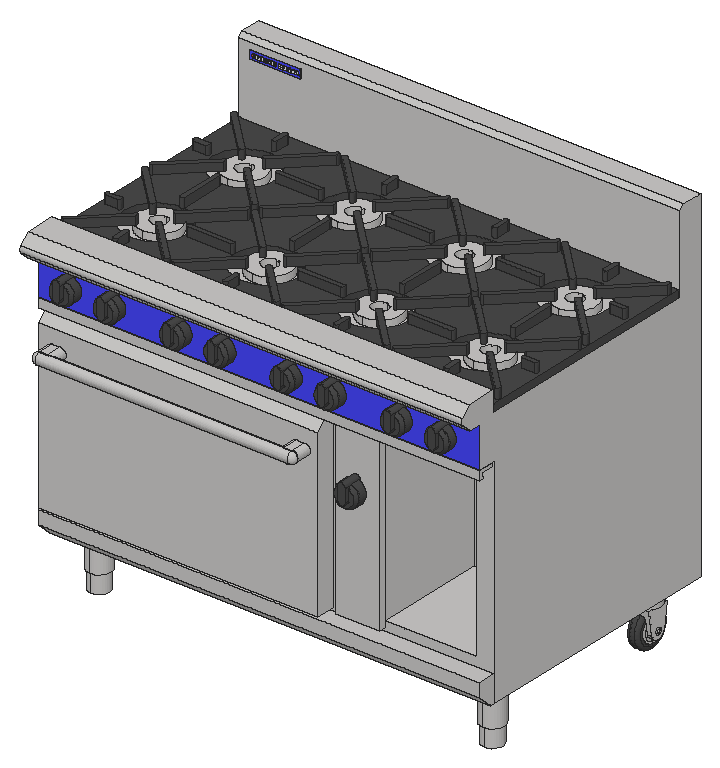
Revit family "QF_MOFFAT_BLUESEAL_CE_G508D", category Specialty Equipment, Revit 2012
Parameters
  Width = 1200 mm
  Weight in Pounds = 568
  URL Cutsheet = "www.moffat.com"
  URL = "www.moffat.com"
  Type Mark [instance] = ""
  Status [instance] = ""
  Specification by User [instance] = ""
  Specification by Manufacturer = ""
  Show Logo [instance] = yes
  Show Clearance [instance] = yes
  Show Casters [instance] = yes
  Serial Number = ""
  Seismic Rating = ""
  SMACNA No = ""
  Revision Code [instance] = ""
  Omniclass Number and Title = ""
  NAFEM Spec ID Number = ""
  Model = "G508D"
  Mechanical Remarks = ""
  Mechanical Connection Type [instance] = ""
  Masterspec = ""
  Manufacturer = "MOFFAT BLUESEAL"
  Legs [instance] = not(Show Casters)  # no
  Item Number [instance] = ""
  Installed By [instance] = ""
  Identify Quantity as Lot [instance] = yes
  Height = 970 mm
  Gas Size = 3/4"
  Gas RI Height [instance] = 0 mm
  Gas KW [instance] = 70.5
  Gas Input [instance] = 240745.0 Btu/h
  Gas Connection Height = 0 mm
  Furnished By [instance] = ""
  Foodservice Equipment Identifier [instance] = yes
  Description = "1200MM GAS RANGE WITH STATIC OVEN"
  Depth = 812 mm
  CSI MasterFormat = ""
  CSI Master Format = ""
  Body Finish = QF_Finishes_Stainless Steel
Reference planes
  plane 1 "BACK": y = 0
  plane 2: z = 0
  plane 3 "LEFT": x = 0
  plane 4 "RIGHT": x = 1200
  plane 5 "FRONT": y = -812
  plane 6 "TOP": z = 970
  plane 7 "Center Y": x = 600
  plane 8 "Center X": y = -406
  plane 9: x = 280
  plane 10: y = -574.272
  plane 11: x = 60
  plane 12: y = -304.972
  plane 13: y = -364.972
  plane 14: x = 74
  plane 15: y = -812
  plane 16: x = 1134.5
  plane 17: y = -32
  plane 18: z = 655
  plane 19: x = 65.5
  plane 20: x = 65.8
  plane 21: z = 1085
  plane 22: y = -705
  plane 23: y = -100
Forms (mm)
  Extrusion 1, solid, material "QF_Finishes_Stainless Steel" <- "Body Finish"
    sketch origin (0, 0, 0) x (0, 1, 0) y (0, 0, 1)
      loop
        line (0, 150) -> (0, 1085) -> (-57.5, 1085) -> (-70, 1072.5) -> (-70, 861.8) -> (-705, 861.8) -> (-705, 915) -> (-783.97, 915) -> (-808.49, 890.48)
        arc (-808.49, 890.48) -> (-812.002, 882) -> (-808.49, 873.52) r 11.993
        line (-808.49, 873.52) -> (-784.97, 850) -> (-749, 850) -> (-749, 740) -> (-699, 740) -> (-699, 150) -> (0, 150)
      loop
        line (-749, 222.5) -> (-749, 186) -> (-713, 150) -> (-703.2, 150) -> (-703.2, 222.5) -> (-749, 222.5)
      loop
        line (-749, 713.781) -> (-740.224, 713.781) -> (-742.613, 730.781) -> (-707.93, 730.781) -> (-707.93, 737.784) -> (-749, 737.784) -> (-749, 713.781)
    from 0 to 1200
  Extrusion 2, solid, material "QF_Finishes_Stainless Steel"
    sketch origin (0, 7, 0) x (0, 1, 0) y (0, 0, 1)
      loop
        line (-706, 700) -> (-732, 700) -> (-756, 676) -> (-756, 227.5) -> (-706, 227.5) -> (-706, 700)
    from 0 to 760
  Extrusion 3, solid, material "QF_Finishes_Stainless Steel"
    sketch origin (723.5, 7, 0) x (0, 1, 0) y (0, 0, 1)
      loop
        line (-706, 700) -> (-721, 700) -> (-721, 227.5) -> (-706, 227.5) -> (-706, 700)
    from 56.898 to 176.5
  Revolve 4, solid, material "QF_Finishes_Stainless Steel" <- "Body Finish"
    sketch origin (1134.5, -696.126, 0) x (0, 1, 0) y (0, 0, -1)
      loop
        line (39.376, -150) -> (71.126, -150) -> (71.126, 0) -> (43.626, 0) -> (43.626, -50) -> (39.376, -50) -> (39.376, -150)
      axis (71.126, -150) -> (71.126, 0)
    angle from 0 to 360
  Revolve 5, solid, material "QF_Finishes_Stainless Steel" <- "Body Finish"
    sketch origin (65.5, -696.126, 0) x (0, 1, 0) y (0, 0, 1)
      loop
        line (39.376, 150) -> (39.376, 50) -> (43.626, 50) -> (43.626, 0) -> (71.126, 0) -> (71.126, 150) -> (39.376, 150)
      axis (71.126, 150) -> (71.126, 0)
    angle from 0 to 360
  Extrusion 6, solid, material "QF_Finishes_Stainless Steel"
    sketch origin (-64.5, 0, 325) x (1, 0, 0) y (0, 1, 0)
      loop
        circle (1134.5, -32) r 10
    from 330 to 374.856
  Extrusion 7, void
    sketch origin (0, -699, 150) x (0, 0, -1) y (-1, 0, 0)
      loop
        line (-529.781, -900) -> (-529.781, -1150) -> (-96, -1150) -> (-96, -900) -> (-529.781, -900)
    from 0 to 304.8
  Extrusion 8, solid, material "QF_Finishes_Black"
    sketch origin (0, -70, 861.8) x (0, -1, 0) y (1, 0, 0)
      loop
        arc (1, 4) -> (1.879, 1.879) -> (4, 1) r 3
        line (4, 1) -> (632, 1)
        arc (632, 1) -> (634.121, 1.879) -> (635, 4) r 3
        line (635, 4) -> (635, 1197)
        arc (635, 1197) -> (634.121, 1199.121) -> (632, 1200) r 3
        line (632, 1200) -> (4, 1200)
        arc (4, 1200) -> (1.879, 1199.121) -> (1, 1197) r 3
        line (1, 1197) -> (1, 4)
      loop
        circle (167.5, 150) r 85
      loop
        circle (167.5, 450) r 85
      loop
        circle (467.768, 150) r 85
      loop
        circle (467.768, 450) r 85
      loop
        circle (167.5, 750) r 85
      loop
        circle (467.768, 750) r 85
      loop
        circle (167.5, 1050) r 85
      loop
        circle (467.768, 1050) r 85
    from 0 to 19.5
  Extrusion 9, solid, material "QF_Finishes_Black"
    sketch origin (0, -70, 881.3) x (0, -1, 0) y (1, 0, 0)
      loop
        spline (327.102, 15.153) -> (326.181, 13.924) -> (325.631, 12.47) -> (325.49, 10.89) -> (325.767, 9.292) -> (326.443, 7.786) -> (327.473, 6.473) -> (328.786, 5.443) -> (330.292, 4.767) -> (331.89, 4.49) -> (333.47, 4.631) -> (334.924, 5.181) -> (336.153, 6.102)
        line (336.153, 6.102) -> (444.076, 114.025)
        spline (444.076, 114.025) -> (444.837, 115.095) -> (445.238, 116.399) -> (445.251, 117.851) -> (444.875, 119.35) -> (444.137, 120.795) -> (443.086, 122.086) -> (441.795, 123.137) -> (440.35, 123.875) -> (438.851, 124.251) -> (437.399, 124.238) -> (436.095, 123.837) -> (435.025, 123.076)
        line (435.025, 123.076) -> (327.102, 15.153)
      loop
        line (611.398, 15.153) -> (503.475, 123.076)
        spline (503.475, 123.076) -> (502.405, 123.837) -> (501.101, 124.238) -> (499.649, 124.251) -> (498.15, 123.875) -> (496.705, 123.137) -> (495.414, 122.086) -> (494.363, 120.795) -> (493.625, 119.35) -> (493.249, 117.851) -> (493.262, 116.399) -> (493.663, 115.095) -> (494.424, 114.025)
        line (494.424, 114.025) -> (602.347, 6.102)
        spline (602.347, 6.102) -> (603.416, 5.341) -> (604.721, 4.941) -> (606.172, 4.928) -> (607.671, 5.303) -> (609.116, 6.041) -> (610.408, 7.092) -> (611.459, 8.384) -> (612.197, 9.829) -> (612.572, 11.328) -> (612.559, 12.779) -> (612.159, 14.084) -> (611.398, 15.153)
      loop
        spline (379.102, 143.6) -> (380.396, 143.818) -> (381.602, 144.457) -> (382.638, 145.475) -> (383.432, 146.8) -> (383.932, 148.344) -> (384.102, 150) -> (383.932, 151.656) -> (383.432, 153.2) -> (382.638, 154.525) -> (381.602, 155.543) -> (380.396, 156.182) -> (379.102, 156.4)
        line (379.102, 156.4) -> (259.398, 156.4)
        spline (259.398, 156.4) -> (258.104, 156.182) -> (256.898, 155.543) -> (255.862, 154.525) -> (255.068, 153.2) -> (254.568, 151.656) -> (254.398, 150) -> (254.568, 148.344) -> (255.068, 146.8) -> (255.862, 145.475) -> (256.898, 144.457) -> (258.104, 143.818) -> (259.398, 143.6)
        line (259.398, 143.6) -> (379.102, 143.6)
      loop
        spline (23.602, 15.153) -> (22.681, 13.924) -> (22.131, 12.47) -> (21.99, 10.89) -> (22.267, 9.292) -> (22.943, 7.786) -> (23.973, 6.473) -> (25.286, 5.443) -> (26.792, 4.767) -> (28.39, 4.49) -> (29.97, 4.631) -> (31.424, 5.181) -> (32.653, 6.102)
        line (32.653, 6.102) -> (140.576, 114.025)
        spline (140.576, 114.025) -> (141.337, 115.095) -> (141.738, 116.399) -> (141.751, 117.851) -> (141.375, 119.35) -> (140.637, 120.795) -> (139.586, 122.086) -> (138.295, 123.137) -> (136.85, 123.875) -> (135.351, 124.251) -> (133.899, 124.238) -> (132.595, 123.837) -> (131.525, 123.076)
        line (131.525, 123.076) -> (23.602, 15.153)
      loop
        line (311.398, 15.153) -> (203.475, 123.076)
        spline (203.475, 123.076) -> (202.405, 123.837) -> (201.101, 124.238) -> (199.649, 124.251) -> (198.15, 123.875) -> (196.705, 123.137) -> (195.414, 122.086) -> (194.363, 120.795) -> (193.625, 119.35) -> (193.249, 117.851) -> (193.262, 116.399) -> (193.663, 115.095) -> (194.424, 114.025)
        line (194.424, 114.025) -> (302.347, 6.102)
        spline (302.347, 6.102) -> (303.416, 5.341) -> (304.721, 4.941) -> (306.172, 4.928) -> (307.671, 5.303) -> (309.116, 6.041) -> (310.408, 7.092) -> (311.459, 8.384) -> (312.197, 9.829) -> (312.572, 11.328) -> (312.559, 12.779) -> (312.159, 14.084) -> (311.398, 15.153)
      loop
        line (327.102, 284.847) -> (435.025, 176.924)
        spline (435.025, 176.924) -> (436.095, 176.163) -> (437.399, 175.762) -> (438.851, 175.749) -> (440.35, 176.125) -> (441.795, 176.863) -> (443.086, 177.914) -> (444.137, 179.205) -> (444.875, 180.65) -> (445.251, 182.149) -> (445.238, 183.601) -> (444.837, 184.905) -> (444.076, 185.975)
        line (444.076, 185.975) -> (336.153, 293.898)
        spline (336.153, 293.898) -> (334.924, 294.819) -> (333.47, 295.369) -> (331.89, 295.51) -> (330.292, 295.233) -> (328.786, 294.557) -> (327.473, 293.527) -> (326.443, 292.214) -> (325.767, 290.708) -> (325.49, 289.11) -> (325.631, 287.53) -> (326.181, 286.076) -> (327.102, 284.847)
      loop
        spline (611.398, 284.847) -> (612.159, 285.916) -> (612.559, 287.221) -> (612.572, 288.672) -> (612.197, 290.171) -> (611.459, 291.616) -> (610.408, 292.908) -> (609.116, 293.959) -> (607.671, 294.697) -> (606.172, 295.072) -> (604.721, 295.059) -> (603.416, 294.659) -> (602.347, 293.898)
        line (602.347, 293.898) -> (494.424, 185.975)
        spline (494.424, 185.975) -> (493.663, 184.905) -> (493.262, 183.601) -> (493.249, 182.149) -> (493.625, 180.65) -> (494.363, 179.205) -> (495.414, 177.914) -> (496.705, 176.863) -> (498.15, 176.125) -> (499.649, 175.749) -> (501.101, 175.762) -> (502.405, 176.163) -> (503.475, 176.924)
        line (503.475, 176.924) -> (611.398, 284.847)
      loop
        spline (461.1, 241.898) -> (461.318, 240.604) -> (461.957, 239.398) -> (462.975, 238.362) -> (464.3, 237.568) -> (465.844, 237.068) -> (467.5, 236.898) -> (469.156, 237.068) -> (470.7, 237.568) -> (472.025, 238.362) -> (473.043, 239.398) -> (473.682, 240.604) -> (473.9, 241.898)
        line (473.9, 241.898) -> (473.9, 358.102)
        spline (473.9, 358.102) -> (473.682, 359.396) -> (473.043, 360.602) -> (472.025, 361.638) -> (470.7, 362.432) -> (469.156, 362.932) -> (467.5, 363.102) -> (465.844, 362.932) -> (464.3, 362.432) -> (462.975, 361.638) -> (461.957, 360.602) -> (461.318, 359.396) -> (461.1, 358.102)
        line (461.1, 358.102) -> (461.1, 241.898)
      loop
        line (23.602, 284.847) -> (131.525, 176.924)
        spline (131.525, 176.924) -> (132.595, 176.163) -> (133.899, 175.762) -> (135.351, 175.749) -> (136.85, 176.125) -> (138.295, 176.863) -> (139.586, 177.914) -> (140.637, 179.205) -> (141.375, 180.65) -> (141.751, 182.149) -> (141.738, 183.601) -> (141.337, 184.905) -> (140.576, 185.975)
        line (140.576, 185.975) -> (32.653, 293.898)
        spline (32.653, 293.898) -> (31.424, 294.819) -> (29.97, 295.369) -> (28.39, 295.51) -> (26.792, 295.233) -> (25.286, 294.557) -> (23.973, 293.527) -> (22.943, 292.214) -> (22.267, 290.708) -> (21.99, 289.11) -> (22.131, 287.53) -> (22.681, 286.076) -> (23.602, 284.847)
      loop
        spline (311.398, 284.847) -> (312.159, 285.916) -> (312.559, 287.221) -> (312.572, 288.672) -> (312.197, 290.171) -> (311.459, 291.616) -> (310.408, 292.908) -> (309.116, 293.959) -> (307.671, 294.697) -> (306.172, 295.072) -> (304.721, 295.059) -> (303.416, 294.659) -> (302.347, 293.898)
        line (302.347, 293.898) -> (194.424, 185.975)
        spline (194.424, 185.975) -> (193.663, 184.905) -> (193.262, 183.601) -> (193.249, 182.149) -> (193.625, 180.65) -> (194.363, 179.205) -> (195.414, 177.914) -> (196.705, 176.863) -> (198.15, 176.125) -> (199.649, 175.749) -> (201.101, 175.762) -> (202.405, 176.163) -> (203.475, 176.924)
        line (203.475, 176.924) -> (311.398, 284.847)
      loop
        spline (161.1, 241.898) -> (161.318, 240.604) -> (161.957, 239.398) -> (162.975, 238.362) -> (164.3, 237.568) -> (165.844, 237.068) -> (167.5, 236.898) -> (169.156, 237.068) -> (170.7, 237.568) -> (172.025, 238.362) -> (173.043, 239.398) -> (173.682, 240.604) -> (173.9, 241.898)
        line (173.9, 241.898) -> (173.9, 358.102)
        spline (173.9, 358.102) -> (173.682, 359.396) -> (173.043, 360.602) -> (172.025, 361.638) -> (170.7, 362.432) -> (169.156, 362.932) -> (167.5, 363.102) -> (165.844, 362.932) -> (164.3, 362.432) -> (162.975, 361.638) -> (161.957, 360.602) -> (161.318, 359.396) -> (161.1, 358.102)
        line (161.1, 358.102) -> (161.1, 241.898)
      loop
        line (379.102, 456.4) -> (259.398, 456.4)
        spline (259.398, 456.4) -> (258.104, 456.182) -> (256.898, 455.543) -> (255.862, 454.525) -> (255.068, 453.2) -> (254.568, 451.656) -> (254.398, 450) -> (254.568, 448.344) -> (255.068, 446.8) -> (255.862, 445.475) -> (256.898, 444.457) -> (258.104, 443.818) -> (259.398, 443.6)
        line (259.398, 443.6) -> (379.102, 443.6)
        spline (379.102, 443.6) -> (380.396, 443.818) -> (381.602, 444.457) -> (382.638, 445.475) -> (383.432, 446.8) -> (383.932, 448.344) -> (384.102, 450) -> (383.932, 451.656) -> (383.432, 453.2) -> (382.638, 454.525) -> (381.602, 455.543) -> (380.396, 456.182) -> (379.102, 456.4)
      loop
        spline (327.102, 315.153) -> (326.181, 313.924) -> (325.631, 312.47) -> (325.49, 310.89) -> (325.767, 309.292) -> (326.443, 307.786) -> (327.473, 306.473) -> (328.786, 305.443) -> (330.292, 304.767) -> (331.89, 304.49) -> (333.47, 304.631) -> (334.924, 305.181) -> (336.153, 306.102)
        line (336.153, 306.102) -> (444.076, 414.025)
        spline (444.076, 414.025) -> (444.837, 415.095) -> (445.238, 416.399) -> (445.251, 417.851) -> (444.875, 419.35) -> (444.137, 420.795) -> (443.086, 422.086) -> (441.795, 423.137) -> (440.35, 423.875) -> (438.851, 424.251) -> (437.399, 424.238) -> (436.095, 423.837) -> (435.025, 423.076)
        line (435.025, 423.076) -> (327.102, 315.153)
      loop
        line (611.398, 315.153) -> (503.475, 423.076)
        spline (503.475, 423.076) -> (502.405, 423.837) -> (501.101, 424.238) -> (499.649, 424.251) -> (498.15, 423.875) -> (496.705, 423.137) -> (495.414, 422.086) -> (494.363, 420.795) -> (493.625, 419.35) -> (493.249, 417.851) -> (493.262, 416.399) -> (493.663, 415.095) -> (494.424, 414.025)
        line (494.424, 414.025) -> (602.347, 306.102)
        spline (602.347, 306.102) -> (603.416, 305.341) -> (604.721, 304.941) -> (606.172, 304.928) -> (607.671, 305.303) -> (609.116, 306.041) -> (610.408, 307.092) -> (611.459, 308.384) -> (612.197, 309.829) -> (612.572, 311.328) -> (612.559, 312.779) -> (612.159, 314.084) -> (611.398, 315.153)
      loop
        spline (23.602, 315.153) -> (22.681, 313.924) -> (22.131, 312.47) -> (21.99, 310.89) -> (22.267, 309.292) -> (22.943, 307.786) -> (23.973, 306.473) -> (25.286, 305.443) -> (26.792, 304.767) -> (28.39, 304.49) -> (29.97, 304.631) -> (31.424, 305.181) -> (32.653, 306.102)
        line (32.653, 306.102) -> (140.576, 414.025)
        spline (140.576, 414.025) -> (141.337, 415.095) -> (141.738, 416.399) -> (141.751, 417.851) -> (141.375, 419.35) -> (140.637, 420.795) -> (139.586, 422.086) -> (138.295, 423.137) -> (136.85, 423.875) -> (135.351, 424.251) -> (133.899, 424.238) -> (132.595, 423.837) -> (131.525, 423.076)
        line (131.525, 423.076) -> (23.602, 315.153)
      loop
        line (311.398, 315.153) -> (203.475, 423.076)
        spline (203.475, 423.076) -> (202.405, 423.837) -> (201.101, 424.238) -> (199.649, 424.251) -> (198.15, 423.875) -> (196.705, 423.137) -> (195.414, 422.086) -> (194.363, 420.795) -> (193.625, 419.35) -> (193.249, 417.851) -> (193.262, 416.399) -> (193.663, 415.095) -> (194.424, 414.025)
        line (194.424, 414.025) -> (302.347, 306.102)
        spline (302.347, 306.102) -> (303.416, 305.341) -> (304.721, 304.941) -> (306.172, 304.928) -> (307.671, 305.303) -> (309.116, 306.041) -> (310.408, 307.092) -> (311.459, 308.384) -> (312.197, 309.829) -> (312.572, 311.328) -> (312.559, 312.779) -> (312.159, 314.084) -> (311.398, 315.153)
      loop
        line (327.102, 584.847) -> (435.025, 476.924)
        spline (435.025, 476.924) -> (436.095, 476.163) -> (437.399, 475.762) -> (438.851, 475.749) -> (440.35, 476.125) -> (441.795, 476.863) -> (443.086, 477.914) -> (444.137, 479.205) -> (444.875, 480.65) -> (445.251, 482.149) -> (445.238, 483.601) -> (444.837, 484.905) -> (444.076, 485.975)
        line (444.076, 485.975) -> (336.153, 593.898)
        spline (336.153, 593.898) -> (334.924, 594.819) -> (333.47, 595.369) -> (331.89, 595.51) -> (330.292, 595.233) -> (328.786, 594.557) -> (327.473, 593.527) -> (326.443, 592.214) -> (325.767, 590.708) -> (325.49, 589.11) -> (325.631, 587.53) -> (326.181, 586.076) -> (327.102, 584.847)
      loop
        spline (611.398, 584.847) -> (612.159, 585.916) -> (612.559, 587.221) -> (612.572, 588.672) -> (612.197, 590.171) -> (611.459, 591.616) -> (610.408, 592.908) -> (609.116, 593.959) -> (607.671, 594.697) -> (606.172, 595.072) -> (604.721, 595.059) -> (603.416, 594.659) -> (602.347, 593.898)
        line (602.347, 593.898) -> (494.424, 485.975)
        spline (494.424, 485.975) -> (493.663, 484.905) -> (493.262, 483.601) -> (493.249, 482.149) -> (493.625, 480.65) -> (494.363, 479.205) -> (495.414, 477.914) -> (496.705, 476.863) -> (498.15, 476.125) -> (499.649, 475.749) -> (501.101, 475.762) -> (502.405, 476.163) -> (503.475, 476.924)
        line (503.475, 476.924) -> (611.398, 584.847)
      loop
        line (23.602, 584.847) -> (131.525, 476.924)
        spline (131.525, 476.924) -> (132.595, 476.163) -> (133.899, 475.762) -> (135.351, 475.749) -> (136.85, 476.125) -> (138.295, 476.863) -> (139.586, 477.914) -> (140.637, 479.205) -> (141.375, 480.65) -> (141.751, 482.149) -> (141.738, 483.601) -> (141.337, 484.905) -> (140.576, 485.975)
        line (140.576, 485.975) -> (32.653, 593.898)
        spline (32.653, 593.898) -> (31.424, 594.819) -> (29.97, 595.369) -> (28.39, 595.51) -> (26.792, 595.233) -> (25.286, 594.557) -> (23.973, 593.527) -> (22.943, 592.214) -> (22.267, 590.708) -> (21.99, 589.11) -> (22.131, 587.53) -> (22.681, 586.076) -> (23.602, 584.847)
      loop
        spline (311.398, 584.847) -> (312.159, 585.916) -> (312.559, 587.221) -> (312.572, 588.672) -> (312.197, 590.171) -> (311.459, 591.616) -> (310.408, 592.908) -> (309.116, 593.959) -> (307.671, 594.697) -> (306.172, 595.072) -> (304.721, 595.059) -> (303.416, 594.659) -> (302.347, 593.898)
        line (302.347, 593.898) -> (194.424, 485.975)
        spline (194.424, 485.975) -> (193.663, 484.905) -> (193.262, 483.601) -> (193.249, 482.149) -> (193.625, 480.65) -> (194.363, 479.205) -> (195.414, 477.914) -> (196.705, 476.863) -> (198.15, 476.125) -> (199.649, 475.749) -> (201.101, 475.762) -> (202.405, 476.163) -> (203.475, 476.924)
        line (203.475, 476.924) -> (311.398, 584.847)
      loop
        spline (461.1, 541.898) -> (461.318, 540.604) -> (461.957, 539.398) -> (462.975, 538.362) -> (464.3, 537.568) -> (465.844, 537.068) -> (467.5, 536.898) -> (469.156, 537.068) -> (470.7, 537.568) -> (472.025, 538.362) -> (473.043, 539.398) -> (473.682, 540.604) -> (473.9, 541.898)
        line (473.9, 541.898) -> (473.9, 658.102)
        spline (473.9, 658.102) -> (473.682, 659.396) -> (473.043, 660.602) -> (472.025, 661.638) -> (470.7, 662.432) -> (469.156, 662.932) -> (467.5, 663.102) -> (465.844, 662.932) -> (464.3, 662.432) -> (462.975, 661.638) -> (461.957, 660.602) -> (461.318, 659.396) -> (461.1, 658.102)
        line (461.1, 658.102) -> (461.1, 541.898)
      loop
        spline (161.1, 541.898) -> (161.318, 540.604) -> (161.957, 539.398) -> (162.975, 538.362) -> (164.3, 537.568) -> (165.844, 537.068) -> (167.5, 536.898) -> (169.156, 537.068) -> (170.7, 537.568) -> (172.025, 538.362) -> (173.043, 539.398) -> (173.682, 540.604) -> (173.9, 541.898)
        line (173.9, 541.898) -> (173.9, 658.102)
        spline (173.9, 658.102) -> (173.682, 659.396) -> (173.043, 660.602) -> (172.025, 661.638) -> (170.7, 662.432) -> (169.156, 662.932) -> (167.5, 663.102) -> (165.844, 662.932) -> (164.3, 662.432) -> (162.975, 661.638) -> (161.957, 660.602) -> (161.318, 659.396) -> (161.1, 658.102)
        line (161.1, 658.102) -> (161.1, 541.898)
      loop
        line (379.102, 756.4) -> (259.398, 756.4)
        spline (259.398, 756.4) -> (258.104, 756.182) -> (256.898, 755.543) -> (255.862, 754.525) -> (255.068, 753.2) -> (254.568, 751.656) -> (254.398, 750) -> (254.568, 748.344) -> (255.068, 746.8) -> (255.862, 745.475) -> (256.898, 744.457) -> (258.104, 743.818) -> (259.398, 743.6)
        line (259.398, 743.6) -> (379.102, 743.6)
        spline (379.102, 743.6) -> (380.396, 743.818) -> (381.602, 744.457) -> (382.638, 745.475) -> (383.432, 746.8) -> (383.932, 748.344) -> (384.102, 750) -> (383.932, 751.656) -> (383.432, 753.2) -> (382.638, 754.525) -> (381.602, 755.543) -> (380.396, 756.182) -> (379.102, 756.4)
      loop
        spline (327.102, 615.153) -> (326.181, 613.924) -> (325.631, 612.47) -> (325.49, 610.89) -> (325.767, 609.292) -> (326.443, 607.786) -> (327.473, 606.473) -> (328.786, 605.443) -> (330.292, 604.767) -> (331.89, 604.49) -> (333.47, 604.631) -> (334.924, 605.181) -> (336.153, 606.102)
        line (336.153, 606.102) -> (444.076, 714.025)
        spline (444.076, 714.025) -> (444.837, 715.095) -> (445.238, 716.399) -> (445.251, 717.851) -> (444.875, 719.35) -> (444.137, 720.795) -> (443.086, 722.086) -> (441.795, 723.137) -> (440.35, 723.875) -> (438.851, 724.251) -> (437.399, 724.238) -> (436.095, 723.837) -> (435.025, 723.076)
        line (435.025, 723.076) -> (327.102, 615.153)
      loop
        line (611.398, 615.153) -> (503.475, 723.076)
        spline (503.475, 723.076) -> (502.405, 723.837) -> (501.101, 724.238) -> (499.649, 724.251) -> (498.15, 723.875) -> (496.705, 723.137) -> (495.414, 722.086) -> (494.363, 720.795) -> (493.625, 719.35) -> (493.249, 717.851) -> (493.262, 716.399) -> (493.663, 715.095) -> (494.424, 714.025)
        line (494.424, 714.025) -> (602.347, 606.102)
        spline (602.347, 606.102) -> (603.416, 605.341) -> (604.721, 604.941) -> (606.172, 604.928) -> (607.671, 605.303) -> (609.116, 606.041) -> (610.408, 607.092) -> (611.459, 608.384) -> (612.197, 609.829) -> (612.572, 611.328) -> (612.559, 612.779) -> (612.159, 614.084) -> (611.398, 615.153)
      loop
        spline (23.602, 615.153) -> (22.681, 613.924) -> (22.131, 612.47) -> (21.99, 610.89) -> (22.267, 609.292) -> (22.943, 607.786) -> (23.973, 606.473) -> (25.286, 605.443) -> (26.792, 604.767) -> (28.39, 604.49) -> (29.97, 604.631) -> (31.424, 605.181) -> (32.653, 606.102)
        line (32.653, 606.102) -> (140.576, 714.025)
        spline (140.576, 714.025) -> (141.337, 715.095) -> (141.738, 716.399) -> (141.751, 717.851) -> (141.375, 719.35) -> (140.637, 720.795) -> (139.586, 722.086) -> (138.295, 723.137) -> (136.85, 723.875) -> (135.351, 724.251) -> (133.899, 724.238) -> (132.595, 723.837) -> (131.525, 723.076)
        line (131.525, 723.076) -> (23.602, 615.153)
      loop
        line (311.398, 615.153) -> (203.475, 723.076)
        spline (203.475, 723.076) -> (202.405, 723.837) -> (201.101, 724.238) -> (199.649, 724.251) -> (198.15, 723.875) -> (196.705, 723.137) -> (195.414, 722.086) -> (194.363, 720.795) -> (193.625, 719.35) -> (193.249, 717.851) -> (193.262, 716.399) -> (193.663, 715.095) -> (194.424, 714.025)
        line (194.424, 714.025) -> (302.347, 606.102)
        spline (302.347, 606.102) -> (303.416, 605.341) -> (304.721, 604.941) -> (306.172, 604.928) -> (307.671, 605.303) -> (309.116, 606.041) -> (310.408, 607.092) -> (311.459, 608.384) -> (312.197, 609.829) -> (312.572, 611.328) -> (312.559, 612.779) -> (312.159, 614.084) -> (311.398, 615.153)
      loop
        line (327.102, 884.847) -> (435.025, 776.924)
        spline (435.025, 776.924) -> (436.095, 776.163) -> (437.399, 775.762) -> (438.851, 775.749) -> (440.35, 776.125) -> (441.795, 776.863) -> (443.086, 777.914) -> (444.137, 779.205) -> (444.875, 780.65) -> (445.251, 782.149) -> (445.238, 783.601) -> (444.837, 784.905) -> (444.076, 785.975)
        line (444.076, 785.975) -> (336.153, 893.898)
        spline (336.153, 893.898) -> (334.924, 894.819) -> (333.47, 895.369) -> (331.89, 895.51) -> (330.292, 895.233) -> (328.786, 894.557) -> (327.473, 893.527) -> (326.443, 892.214) -> (325.767, 890.708) -> (325.49, 889.11) -> (325.631, 887.53) -> (326.181, 886.076) -> (327.102, 884.847)
      loop
        spline (611.398, 884.847) -> (612.159, 885.916) -> (612.559, 887.221) -> (612.572, 888.672) -> (612.197, 890.171) -> (611.459, 891.616) -> (610.408, 892.908) -> (609.116, 893.959) -> (607.671, 894.697) -> (606.172, 895.072) -> (604.721, 895.059) -> (603.416, 894.659) -> (602.347, 893.898)
        line (602.347, 893.898) -> (494.424, 785.975)
        spline (494.424, 785.975) -> (493.663, 784.905) -> (493.262, 783.601) -> (493.249, 782.149) -> (493.625, 780.65) -> (494.363, 779.205) -> (495.414, 777.914) -> (496.705, 776.863) -> (498.15, 776.125) -> (499.649, 775.749) -> (501.101, 775.762) -> (502.405, 776.163) -> (503.475, 776.924)
        line (503.475, 776.924) -> (611.398, 884.847)
      loop
        line (23.602, 884.847) -> (131.525, 776.924)
        spline (131.525, 776.924) -> (132.595, 776.163) -> (133.899, 775.762) -> (135.351, 775.749) -> (136.85, 776.125) -> (138.295, 776.863) -> (139.586, 777.914) -> (140.637, 779.205) -> (141.375, 780.65) -> (141.751, 782.149) -> (141.738, 783.601) -> (141.337, 784.905) -> (140.576, 785.975)
        line (140.576, 785.975) -> (32.653, 893.898)
        spline (32.653, 893.898) -> (31.424, 894.819) -> (29.97, 895.369) -> (28.39, 895.51) -> (26.792, 895.233) -> (25.286, 894.557) -> (23.973, 893.527) -> (22.943, 892.214) -> (22.267, 890.708) -> (21.99, 889.11) -> (22.131, 887.53) -> (22.681, 886.076) -> (23.602, 884.847)
      loop
        spline (311.398, 884.847) -> (312.159, 885.916) -> (312.559, 887.221) -> (312.572, 888.672) -> (312.197, 890.171) -> (311.459, 891.616) -> (310.408, 892.908) -> (309.116, 893.959) -> (307.671, 894.697) -> (306.172, 895.072) -> (304.721, 895.059) -> (303.416, 894.659) -> (302.347, 893.898)
        line (302.347, 893.898) -> (194.424, 785.975)
        spline (194.424, 785.975) -> (193.663, 784.905) -> (193.262, 783.601) -> (193.249, 782.149) -> (193.625, 780.65) -> (194.363, 779.205) -> (195.414, 777.914) -> (196.705, 776.863) -> (198.15, 776.125) -> (199.649, 775.749) -> (201.101, 775.762) -> (202.405, 776.163) -> (203.475, 776.924)
        line (203.475, 776.924) -> (311.398, 884.847)
      loop
        line (327.102, 1184.847) -> (435.025, 1076.924)
        spline (435.025, 1076.924) -> (436.095, 1076.163) -> (437.399, 1075.762) -> (438.851, 1075.749) -> (440.35, 1076.125) -> (441.795, 1076.863) -> (443.086, 1077.914) -> (444.137, 1079.205) -> (444.875, 1080.65) -> (445.251, 1082.149) -> (445.238, 1083.601) -> (444.837, 1084.905) -> (444.076, 1085.975)
        line (444.076, 1085.975) -> (336.153, 1193.898)
        spline (336.153, 1193.898) -> (334.924, 1194.819) -> (333.47, 1195.369) -> (331.89, 1195.51) -> (330.292, 1195.233) -> (328.786, 1194.557) -> (327.473, 1193.527) -> (326.443, 1192.214) -> (325.767, 1190.708) -> (325.49, 1189.11) -> (325.631, 1187.53) -> (326.181, 1186.076) -> (327.102, 1184.847)
      loop
        spline (611.398, 1184.847) -> (612.159, 1185.916) -> (612.559, 1187.221) -> (612.572, 1188.672) -> (612.197, 1190.171) -> (611.459, 1191.616) -> (610.408, 1192.908) -> (609.116, 1193.959) -> (607.671, 1194.697) -> (606.172, 1195.072) -> (604.721, 1195.059) -> (603.416, 1194.659) -> (602.347, 1193.898)
        line (602.347, 1193.898) -> (494.424, 1085.975)
        spline (494.424, 1085.975) -> (493.663, 1084.905) -> (493.262, 1083.601) -> (493.249, 1082.149) -> (493.625, 1080.65) -> (494.363, 1079.205) -> (495.414, 1077.914) -> (496.705, 1076.863) -> (498.15, 1076.125) -> (499.649, 1075.749) -> (501.101, 1075.762) -> (502.405, 1076.163) -> (503.475, 1076.924)
        line (503.475, 1076.924) -> (611.398, 1184.847)
      loop
        line (379.102, 1056.4) -> (259.398, 1056.4)
        spline (259.398, 1056.4) -> (258.104, 1056.182) -> (256.898, 1055.543) -> (255.862, 1054.525) -> (255.068, 1053.2) -> (254.568, 1051.656) -> (254.398, 1050) -> (254.568, 1048.344) -> (255.068, 1046.8) -> (255.862, 1045.475) -> (256.898, 1044.457) -> (258.104, 1043.818) -> (259.398, 1043.6)
        line (259.398, 1043.6) -> (379.102, 1043.6)
        spline (379.102, 1043.6) -> (380.396, 1043.818) -> (381.602, 1044.457) -> (382.638, 1045.475) -> (383.432, 1046.8) -> (383.932, 1048.344) -> (384.102, 1050) -> (383.932, 1051.656) -> (383.432, 1053.2) -> (382.638, 1054.525) -> (381.602, 1055.543) -> (380.396, 1056.182) -> (379.102, 1056.4)
      loop
        line (23.602, 1184.847) -> (131.525, 1076.924)
        spline (131.525, 1076.924) -> (132.595, 1076.163) -> (133.899, 1075.762) -> (135.351, 1075.749) -> (136.85, 1076.125) -> (138.295, 1076.863) -> (139.586, 1077.914) -> (140.637, 1079.205) -> (141.375, 1080.65) -> (141.751, 1082.149) -> (141.738, 1083.601) -> (141.337, 1084.905) -> (140.576, 1085.975)
        line (140.576, 1085.975) -> (32.653, 1193.898)
        spline (32.653, 1193.898) -> (31.424, 1194.819) -> (29.97, 1195.369) -> (28.39, 1195.51) -> (26.792, 1195.233) -> (25.286, 1194.557) -> (23.973, 1193.527) -> (22.943, 1192.214) -> (22.267, 1190.708) -> (21.99, 1189.11) -> (22.131, 1187.53) -> (22.681, 1186.076) -> (23.602, 1184.847)
      loop
        spline (311.398, 1184.847) -> (312.159, 1185.916) -> (312.559, 1187.221) -> (312.572, 1188.672) -> (312.197, 1190.171) -> (311.459, 1191.616) -> (310.408, 1192.908) -> (309.116, 1193.959) -> (307.671, 1194.697) -> (306.172, 1195.072) -> (304.721, 1195.059) -> (303.416, 1194.659) -> (302.347, 1193.898)
        line (302.347, 1193.898) -> (194.424, 1085.975)
        spline (194.424, 1085.975) -> (193.663, 1084.905) -> (193.262, 1083.601) -> (193.249, 1082.149) -> (193.625, 1080.65) -> (194.363, 1079.205) -> (195.414, 1077.914) -> (196.705, 1076.863) -> (198.15, 1076.125) -> (199.649, 1075.749) -> (201.101, 1075.762) -> (202.405, 1076.163) -> (203.475, 1076.924)
        line (203.475, 1076.924) -> (311.398, 1184.847)
      loop
        spline (327.102, 915.153) -> (326.181, 913.924) -> (325.631, 912.47) -> (325.49, 910.89) -> (325.767, 909.292) -> (326.443, 907.786) -> (327.473, 906.473) -> (328.786, 905.443) -> (330.292, 904.767) -> (331.89, 904.49) -> (333.47, 904.631) -> (334.924, 905.181) -> (336.153, 906.102)
        line (336.153, 906.102) -> (444.076, 1014.025)
        spline (444.076, 1014.025) -> (444.837, 1015.095) -> (445.238, 1016.399) -> (445.251, 1017.851) -> (444.875, 1019.35) -> (444.137, 1020.795) -> (443.086, 1022.086) -> (441.795, 1023.137) -> (440.35, 1023.875) -> (438.851, 1024.251) -> (437.399, 1024.238) -> (436.095, 1023.837) -> (435.025, 1023.076)
        line (435.025, 1023.076) -> (327.102, 915.153)
      loop
        line (611.398, 915.153) -> (503.475, 1023.076)
        spline (503.475, 1023.076) -> (502.405, 1023.837) -> (501.101, 1024.238) -> (499.649, 1024.251) -> (498.15, 1023.875) -> (496.705, 1023.137) -> (495.414, 1022.086) -> (494.363, 1020.795) -> (493.625, 1019.35) -> (493.249, 1017.851) -> (493.262, 1016.399) -> (493.663, 1015.095) -> (494.424, 1014.025)
        line (494.424, 1014.025) -> (602.347, 906.102)
        spline (602.347, 906.102) -> (603.416, 905.341) -> (604.721, 904.941) -> (606.172, 904.928) -> (607.671, 905.303) -> (609.116, 906.041) -> (610.408, 907.092) -> (611.459, 908.384) -> (612.197, 909.829) -> (612.572, 911.328) -> (612.559, 912.779) -> (612.159, 914.084) -> (611.398, 915.153)
      loop
        spline (23.602, 915.153) -> (22.681, 913.924) -> (22.131, 912.47) -> (21.99, 910.89) -> (22.267, 909.292) -> (22.943, 907.786) -> (23.973, 906.473) -> (25.286, 905.443) -> (26.792, 904.767) -> (28.39, 904.49) -> (29.97, 904.631) -> (31.424, 905.181) -> (32.653, 906.102)
        line (32.653, 906.102) -> (140.576, 1014.025)
        spline (140.576, 1014.025) -> (141.337, 1015.095) -> (141.738, 1016.399) -> (141.751, 1017.851) -> (141.375, 1019.35) -> (140.637, 1020.795) -> (139.586, 1022.086) -> (138.295, 1023.137) -> (136.85, 1023.875) -> (135.351, 1024.251) -> (133.899, 1024.238) -> (132.595, 1023.837) -> (131.525, 1023.076)
        line (131.525, 1023.076) -> (23.602, 915.153)
      loop
        line (311.398, 915.153) -> (203.475, 1023.076)
        spline (203.475, 1023.076) -> (202.405, 1023.837) -> (201.101, 1024.238) -> (199.649, 1024.251) -> (198.15, 1023.875) -> (196.705, 1023.137) -> (195.414, 1022.086) -> (194.363, 1020.795) -> (193.625, 1019.35) -> (193.249, 1017.851) -> (193.262, 1016.399) -> (193.663, 1015.095) -> (194.424, 1014.025)
        line (194.424, 1014.025) -> (302.347, 906.102)
        spline (302.347, 906.102) -> (303.416, 905.341) -> (304.721, 904.941) -> (306.172, 904.928) -> (307.671, 905.303) -> (309.116, 906.041) -> (310.408, 907.092) -> (311.459, 908.384) -> (312.197, 909.829) -> (312.572, 911.328) -> (312.559, 912.779) -> (312.159, 914.084) -> (311.398, 915.153)
      loop
        line (461.1, 958.102) -> (461.1, 841.898)
        spline (461.1, 841.898) -> (461.318, 840.604) -> (461.957, 839.398) -> (462.975, 838.362) -> (464.3, 837.568) -> (465.844, 837.068) -> (467.5, 836.898) -> (469.156, 837.068) -> (470.7, 837.568) -> (472.025, 838.362) -> (473.043, 839.398) -> (473.682, 840.604) -> (473.9, 841.898)
        line (473.9, 841.898) -> (473.9, 958.102)
        spline (473.9, 958.102) -> (473.682, 959.396) -> (473.043, 960.602) -> (472.025, 961.638) -> (470.7, 962.432) -> (469.156, 962.932) -> (467.5, 963.102) -> (465.844, 962.932) -> (464.3, 962.432) -> (462.975, 961.638) -> (461.957, 960.602) -> (461.318, 959.396) -> (461.1, 958.102)
      loop
        line (161.1, 958.102) -> (161.1, 841.898)
        spline (161.1, 841.898) -> (161.318, 840.604) -> (161.957, 839.398) -> (162.975, 838.362) -> (164.3, 837.568) -> (165.844, 837.068) -> (167.5, 836.898) -> (169.156, 837.068) -> (170.7, 837.568) -> (172.025, 838.362) -> (173.043, 839.398) -> (173.682, 840.604) -> (173.9, 841.898)
        line (173.9, 841.898) -> (173.9, 958.102)
        spline (173.9, 958.102) -> (173.682, 959.396) -> (173.043, 960.602) -> (172.025, 961.638) -> (170.7, 962.432) -> (169.156, 962.932) -> (167.5, 963.102) -> (165.844, 962.932) -> (164.3, 962.432) -> (162.975, 961.638) -> (161.957, 960.602) -> (161.318, 959.396) -> (161.1, 958.102)
      loop
        spline (65.602, 143.6) -> (66.896, 143.818) -> (68.102, 144.457) -> (69.138, 145.475) -> (69.932, 146.8) -> (70.432, 148.344) -> (70.602, 150) -> (70.432, 151.656) -> (69.932, 153.2) -> (69.138, 154.525) -> (68.102, 155.543) -> (66.896, 156.182) -> (65.602, 156.4)
        line (65.602, 156.4) -> (29.398, 156.4)
        spline (29.398, 156.4) -> (28.104, 156.182) -> (26.898, 155.543) -> (25.862, 154.525) -> (25.068, 153.2) -> (24.568, 151.656) -> (24.398, 150) -> (24.568, 148.344) -> (25.068, 146.8) -> (25.862, 145.475) -> (26.898, 144.457) -> (28.104, 143.818) -> (29.398, 143.6)
        line (29.398, 143.6) -> (65.602, 143.6)
      loop
        spline (65.602, 443.6) -> (66.896, 443.818) -> (68.102, 444.457) -> (69.138, 445.475) -> (69.932, 446.8) -> (70.432, 448.344) -> (70.602, 450) -> (70.432, 451.656) -> (69.932, 453.2) -> (69.138, 454.525) -> (68.102, 455.543) -> (66.896, 456.182) -> (65.602, 456.4)
        line (65.602, 456.4) -> (29.398, 456.4)
        spline (29.398, 456.4) -> (28.104, 456.182) -> (26.898, 455.543) -> (25.862, 454.525) -> (25.068, 453.2) -> (24.568, 451.656) -> (24.398, 450) -> (24.568, 448.344) -> (25.068, 446.8) -> (25.862, 445.475) -> (26.898, 444.457) -> (28.104, 443.818) -> (29.398, 443.6)
        line (29.398, 443.6) -> (65.602, 443.6)
      loop
        spline (65.602, 743.6) -> (66.896, 743.818) -> (68.102, 744.457) -> (69.138, 745.475) -> (69.932, 746.8) -> (70.432, 748.344) -> (70.602, 750) -> (70.432, 751.656) -> (69.932, 753.2) -> (69.138, 754.525) -> (68.102, 755.543) -> (66.896, 756.182) -> (65.602, 756.4)
        line (65.602, 756.4) -> (29.398, 756.4)
        spline (29.398, 756.4) -> (28.104, 756.182) -> (26.898, 755.543) -> (25.862, 754.525) -> (25.068, 753.2) -> (24.568, 751.656) -> (24.398, 750) -> (24.568, 748.344) -> (25.068, 746.8) -> (25.862, 745.475) -> (26.898, 744.457) -> (28.104, 743.818) -> (29.398, 743.6)
        line (29.398, 743.6) -> (65.602, 743.6)
      loop
        spline (65.602, 1043.6) -> (66.896, 1043.818) -> (68.102, 1044.457) -> (69.138, 1045.475) -> (69.932, 1046.8) -> (70.432, 1048.344) -> (70.602, 1050) -> (70.432, 1051.656) -> (69.932, 1053.2) -> (69.138, 1054.525) -> (68.102, 1055.543) -> (66.896, 1056.182) -> (65.602, 1056.4)
        line (65.602, 1056.4) -> (29.398, 1056.4)
        spline (29.398, 1056.4) -> (28.104, 1056.182) -> (26.898, 1055.543) -> (25.862, 1054.525) -> (25.068, 1053.2) -> (24.568, 1051.656) -> (24.398, 1050) -> (24.568, 1048.344) -> (25.068, 1046.8) -> (25.862, 1045.475) -> (26.898, 1044.457) -> (28.104, 1043.818) -> (29.398, 1043.6)
        line (29.398, 1043.6) -> (65.602, 1043.6)
      loop
        spline (605.602, 143.6) -> (606.896, 143.818) -> (608.102, 144.457) -> (609.138, 145.475) -> (609.932, 146.8) -> (610.432, 148.344) -> (610.602, 150) -> (610.432, 151.656) -> (609.932, 153.2) -> (609.138, 154.525) -> (608.102, 155.543) -> (606.896, 156.182) -> (605.602, 156.4)
        line (605.602, 156.4) -> (569.398, 156.4)
        spline (569.398, 156.4) -> (568.104, 156.182) -> (566.898, 155.543) -> (565.862, 154.525) -> (565.068, 153.2) -> (564.568, 151.656) -> (564.398, 150) -> (564.568, 148.344) -> (565.068, 146.8) -> (565.862, 145.475) -> (566.898, 144.457) -> (568.104, 143.818) -> (569.398, 143.6)
        line (569.398, 143.6) -> (605.602, 143.6)
      loop
        spline (605.602, 443.6) -> (606.896, 443.818) -> (608.102, 444.457) -> (609.138, 445.475) -> (609.932, 446.8) -> (610.432, 448.344) -> (610.602, 450) -> (610.432, 451.656) -> (609.932, 453.2) -> (609.138, 454.525) -> (608.102, 455.543) -> (606.896, 456.182) -> (605.602, 456.4)
        line (605.602, 456.4) -> (569.398, 456.4)
        spline (569.398, 456.4) -> (568.104, 456.182) -> (566.898, 455.543) -> (565.862, 454.525) -> (565.068, 453.2) -> (564.568, 451.656) -> (564.398, 450) -> (564.568, 448.344) -> (565.068, 446.8) -> (565.862, 445.475) -> (566.898, 444.457) -> (568.104, 443.818) -> (569.398, 443.6)
        line (569.398, 443.6) -> (605.602, 443.6)
      loop
        spline (605.602, 743.6) -> (606.896, 743.818) -> (608.102, 744.457) -> (609.138, 745.475) -> (609.932, 746.8) -> (610.432, 748.344) -> (610.602, 750) -> (610.432, 751.656) -> (609.932, 753.2) -> (609.138, 754.525) -> (608.102, 755.543) -> (606.896, 756.182) -> (605.602, 756.4)
        line (605.602, 756.4) -> (569.398, 756.4)
        spline (569.398, 756.4) -> (568.104, 756.182) -> (566.898, 755.543) -> (565.862, 754.525) -> (565.068, 753.2) -> (564.568, 751.656) -> (564.398, 750) -> (564.568, 748.344) -> (565.068, 746.8) -> (565.862, 745.475) -> (566.898, 744.457) -> (568.104, 743.818) -> (569.398, 743.6)
        line (569.398, 743.6) -> (605.602, 743.6)
      loop
        spline (605.602, 1043.6) -> (606.896, 1043.818) -> (608.102, 1044.457) -> (609.138, 1045.475) -> (609.932, 1046.8) -> (610.432, 1048.344) -> (610.602, 1050) -> (610.432, 1051.656) -> (609.932, 1053.2) -> (609.138, 1054.525) -> (608.102, 1055.543) -> (606.896, 1056.182) -> (605.602, 1056.4)
        line (605.602, 1056.4) -> (569.398, 1056.4)
        spline (569.398, 1056.4) -> (568.104, 1056.182) -> (566.898, 1055.543) -> (565.862, 1054.525) -> (565.068, 1053.2) -> (564.568, 1051.656) -> (564.398, 1050) -> (564.568, 1048.344) -> (565.068, 1046.8) -> (565.862, 1045.475) -> (566.898, 1044.457) -> (568.104, 1043.818) -> (569.398, 1043.6)
        line (569.398, 1043.6) -> (605.602, 1043.6)
      loop
        line (460.626, 1184.352) -> (460.626, 1150.359)
        spline (460.626, 1150.359) -> (460.844, 1149.065) -> (461.483, 1147.859) -> (462.501, 1146.823) -> (463.826, 1146.029) -> (465.37, 1145.529) -> (467.026, 1145.359) -> (468.682, 1145.529) -> (470.226, 1146.029) -> (471.551, 1146.823) -> (472.569, 1147.859) -> (473.208, 1149.065) -> (473.426, 1150.359)
        line (473.426, 1150.359) -> (473.426, 1184.352)
        spline (473.426, 1184.352) -> (473.208, 1185.646) -> (472.569, 1186.852) -> (471.551, 1187.888) -> (470.226, 1188.682) -> (468.682, 1189.182) -> (467.026, 1189.352) -> (465.37, 1189.182) -> (463.826, 1188.682) -> (462.501, 1187.888) -> (461.483, 1186.852) -> (460.844, 1185.646) -> (460.626, 1184.352)
      loop
        line (160.11, 1184.352) -> (160.11, 1150.359)
        spline (160.11, 1150.359) -> (160.328, 1149.065) -> (160.967, 1147.859) -> (161.984, 1146.823) -> (163.31, 1146.029) -> (164.853, 1145.529) -> (166.51, 1145.359) -> (168.166, 1145.529) -> (169.71, 1146.029) -> (171.035, 1146.823) -> (172.052, 1147.859) -> (172.692, 1149.065) -> (172.91, 1150.359)
        line (172.91, 1150.359) -> (172.91, 1184.352)
        spline (172.91, 1184.352) -> (172.692, 1185.646) -> (172.052, 1186.852) -> (171.035, 1187.888) -> (169.71, 1188.682) -> (168.166, 1189.182) -> (166.51, 1189.352) -> (164.853, 1189.182) -> (163.31, 1188.682) -> (161.984, 1187.888) -> (160.967, 1186.852) -> (160.328, 1185.646) -> (160.11, 1184.352)
      loop
        line (460.626, 50.584) -> (460.626, 16.591)
        spline (460.626, 16.591) -> (460.844, 15.297) -> (461.483, 14.091) -> (462.501, 13.055) -> (463.826, 12.261) -> (465.37, 11.761) -> (467.026, 11.591) -> (468.682, 11.761) -> (470.226, 12.261) -> (471.551, 13.055) -> (472.569, 14.091) -> (473.208, 15.297) -> (473.426, 16.591)
        line (473.426, 16.591) -> (473.426, 50.584)
        spline (473.426, 50.584) -> (473.208, 51.878) -> (472.569, 53.084) -> (471.551, 54.119) -> (470.226, 54.914) -> (468.682, 55.413) -> (467.026, 55.584) -> (465.37, 55.413) -> (463.826, 54.914) -> (462.501, 54.119) -> (461.483, 53.084) -> (460.844, 51.878) -> (460.626, 50.584)
      loop
        line (160.11, 50.584) -> (160.11, 16.591)
        spline (160.11, 16.591) -> (160.328, 15.297) -> (160.967, 14.091) -> (161.984, 13.055) -> (163.31, 12.261) -> (164.853, 11.761) -> (166.51, 11.591) -> (168.166, 11.761) -> (169.71, 12.261) -> (171.035, 13.055) -> (172.052, 14.091) -> (172.692, 15.297) -> (172.91, 16.591)
        line (172.91, 16.591) -> (172.91, 50.584)
        spline (172.91, 50.584) -> (172.692, 51.878) -> (172.052, 53.084) -> (171.035, 54.119) -> (169.71, 54.914) -> (168.166, 55.413) -> (166.51, 55.584) -> (164.853, 55.413) -> (163.31, 54.914) -> (161.984, 54.119) -> (160.967, 53.084) -> (160.328, 51.878) -> (160.11, 50.584)
    from 0 to 23.5
  Revolve 10, solid, material "QF_Finishes_Black"
    sketch origin (810.601, 45.874, -0.118) x (0, 1, 0) y (0, 0, 1)
      loop
        line (-827.874, 829.5) -> (-838.874, 823.651) -> (-838.874, 797) -> (-794.874, 797) -> (-794.874, 802) -> (-804.874, 802) -> (-804.874, 829.5) -> (-827.874, 829.5)
      axis (-838.874, 797) -> (-794.874, 797)
    angle from 0 to 360
  Revolve 11, solid, material "QF_Finishes_Black"
    sketch origin (690.601, 45.874, -0.118) x (0, 1, 0) y (0, 0, 1)
      loop
        line (-827.874, 829.5) -> (-838.874, 823.651) -> (-838.874, 797) -> (-794.874, 797) -> (-794.874, 802) -> (-804.874, 802) -> (-804.874, 829.5) -> (-827.874, 829.5)
      axis (-838.874, 797) -> (-794.874, 797)
    angle from 0 to 360
  Revolve 12, solid, material "QF_Finishes_Black"
    sketch origin (90.649, 45.874, -0.118) x (0, 1, 0) y (0, 0, -1)
      loop
        line (-827.874, -829.5) -> (-804.874, -829.5) -> (-804.874, -802) -> (-794.874, -802) -> (-794.874, -797) -> (-838.874, -797) -> (-838.874, -823.651) -> (-827.874, -829.5)
      axis (-838.874, -797) -> (-794.874, -797)
    angle from 0 to 360
  Revolve 13, solid, material "QF_Finishes_Black"
    sketch origin (210.649, 45.874, -0.118) x (0, 1, 0) y (0, 0, -1)
      loop
        line (-827.874, -829.5) -> (-804.874, -829.5) -> (-804.874, -802) -> (-794.874, -802) -> (-794.874, -797) -> (-838.874, -797) -> (-838.874, -823.651) -> (-827.874, -829.5)
      axis (-838.874, -797) -> (-794.874, -797)
    angle from 0 to 360
  Revolve 14, solid, material "QF_Finishes_Black"
    sketch origin (390.625, 45.874, -0.118) x (0, 1, 0) y (0, 0, -1)
      loop
        line (-827.874, -829.5) -> (-804.874, -829.5) -> (-804.874, -802) -> (-794.874, -802) -> (-794.874, -797) -> (-838.874, -797) -> (-838.874, -823.651) -> (-827.874, -829.5)
      axis (-838.874, -797) -> (-794.874, -797)
    angle from 0 to 360
  Revolve 15, solid, material "QF_Finishes_Black"
    sketch origin (510.625, 45.874, -0.118) x (0, 1, 0) y (0, 0, -1)
      loop
        line (-827.874, -829.5) -> (-804.874, -829.5) -> (-804.874, -802) -> (-794.874, -802) -> (-794.874, -797) -> (-838.874, -797) -> (-838.874, -823.651) -> (-827.874, -829.5)
      axis (-838.874, -797) -> (-794.874, -797)
    angle from 0 to 360
  Revolve 16, solid, material "QF_Finishes_Black"
    sketch origin (1110.576, 45.874, -0.118) x (0, 1, 0) y (0, 0, 1)
      loop
        line (-827.874, 829.5) -> (-838.874, 823.651) -> (-838.874, 797) -> (-794.874, 797) -> (-794.874, 802) -> (-804.874, 802) -> (-804.874, 829.5) -> (-827.874, 829.5)
      axis (-838.874, 797) -> (-794.874, 797)
    angle from 0 to 360
  Revolve 17, solid, material "QF_Finishes_Black"
    sketch origin (990.576, 45.874, -0.118) x (0, 1, 0) y (0, 0, 1)
      loop
        line (-827.874, 829.5) -> (-838.874, 823.651) -> (-838.874, 797) -> (-794.874, 797) -> (-794.874, 802) -> (-804.874, 802) -> (-804.874, 829.5) -> (-827.874, 829.5)
      axis (-838.874, 797) -> (-794.874, 797)
    angle from 0 to 360
  Extrusion 18, solid, material "QF_Finishes_Black"
    sketch origin (238.456, 7, -0.118) x (-1, 0, 0) y (0, 0, -1)
      loop
        arc (158.3, -789) -> (148.3, -779) -> (138.3, -789) r 10
        line (138.3, -789) -> (138.3, -824)
        arc (138.3, -824) -> (148.3, -834) -> (158.3, -824) r 10
        line (158.3, -824) -> (158.3, -789)
    from 759 to 808
  Extrusion 19, solid, material "QF_Finishes_Black"
    sketch origin (358.456, 7, -0.118) x (-1, 0, 0) y (0, 0, -1)
      loop
        arc (158.3, -789) -> (148.3, -779) -> (138.3, -789) r 10
        line (138.3, -789) -> (138.3, -824)
        arc (138.3, -824) -> (148.3, -834) -> (158.3, -824) r 10
        line (158.3, -824) -> (158.3, -789)
    from 759 to 808
  Extrusion 20, solid, material "QF_Finishes_Black"
    sketch origin (538.432, 7, -0.118) x (-1, 0, 0) y (0, 0, -1)
      loop
        arc (158.3, -789) -> (148.3, -779) -> (138.3, -789) r 10
        line (138.3, -789) -> (138.3, -824)
        arc (138.3, -824) -> (148.3, -834) -> (158.3, -824) r 10
        line (158.3, -824) -> (158.3, -789)
    from 759 to 808
  Extrusion 21, solid, material "QF_Finishes_Black"
    sketch origin (658.432, 7, -0.118) x (-1, 0, 0) y (0, 0, -1)
      loop
        arc (158.3, -789) -> (148.3, -779) -> (138.3, -789) r 10
        line (138.3, -789) -> (138.3, -824)
        arc (138.3, -824) -> (148.3, -834) -> (158.3, -824) r 10
        line (158.3, -824) -> (158.3, -789)
    from 759 to 808
  Extrusion 22, solid, material "QF_Finishes_Black"
    sketch origin (838.408, 7, -0.118) x (-1, 0, 0) y (0, 0, -1)
      loop
        arc (158.3, -789) -> (148.3, -779) -> (138.3, -789) r 10
        line (138.3, -789) -> (138.3, -824)
        arc (138.3, -824) -> (148.3, -834) -> (158.3, -824) r 10
        line (158.3, -824) -> (158.3, -789)
    from 759 to 808
  Extrusion 23, solid, material "QF_Finishes_Black"
    sketch origin (958.408, 7, -0.118) x (-1, 0, 0) y (0, 0, -1)
      loop
        arc (158.3, -789) -> (148.3, -779) -> (138.3, -789) r 10
        line (138.3, -789) -> (138.3, -824)
        arc (138.3, -824) -> (148.3, -834) -> (158.3, -824) r 10
        line (158.3, -824) -> (158.3, -789)
    from 759 to 808
  Extrusion 24, solid, material "QF_Finishes_Black"
    sketch origin (1138.383, 7, -0.118) x (-1, 0, 0) y (0, 0, -1)
      loop
        arc (158.3, -789) -> (148.3, -779) -> (138.3, -789) r 10
        line (138.3, -789) -> (138.3, -824)
        arc (138.3, -824) -> (148.3, -834) -> (158.3, -824) r 10
        line (158.3, -824) -> (158.3, -789)
    from 759 to 808
  Extrusion 25, solid, material "QF_Finishes_Black"
    sketch origin (1258.383, 7, -0.118) x (-1, 0, 0) y (0, 0, -1)
      loop
        arc (158.3, -789) -> (148.3, -779) -> (138.3, -789) r 10
        line (138.3, -789) -> (138.3, -824)
        arc (138.3, -824) -> (148.3, -834) -> (158.3, -824) r 10
        line (158.3, -824) -> (158.3, -789)
    from 759 to 808
  Revolve 26, solid, material "QF_Finishes_Black"
    sketch origin (836.851, 81.374, -246.368) x (0, 1, 0) y (0, 0, 1)
      loop
        line (-827.874, 829.5) -> (-838.874, 823.651) -> (-838.874, 797) -> (-794.874, 797) -> (-794.874, 802) -> (-804.874, 802) -> (-804.874, 829.5) -> (-827.874, 829.5)
      axis (-838.874, 797) -> (-794.874, 797)
    angle from 0 to 360
  Extrusion 27, solid, material "QF_Finishes_Black"
    sketch origin (389.044, 42.5, -246.368) x (1, 0, 0) y (0, 0, 1)
      loop
        line (458.3, 789) -> (458.3, 824)
        arc (458.3, 824) -> (448.3, 834) -> (438.3, 824) r 10
        line (438.3, 824) -> (438.3, 789)
        arc (438.3, 789) -> (448.3, 779) -> (458.3, 789) r 10
    from 759 to 808
  Extrusion 28, solid, material "QF_Door-Drawer Clearances", visible <- "Show Clearance", detail levels coarse
    sketch origin (760, 7, 0) x (0, 1, 0) y (0, 0, 1)
      loop
        arc (-756, 697.347) -> (-1088.232, 559.732) -> (-1225.847, 227.5) r 469.847
        line (-1225.847, 227.5) -> (-756, 227.5) -> (-756, 697.347)
    from 0 to -760
  Extrusion 29, void
    sketch origin (0, 0, 150) x (-1, 0, 0) y (0, -1, 0)
      loop
        line (-1133.988, 87.26) -> (-1133.988, -30.24) -> (-1004.488, -30.24) -> (-1004.488, 38.76) -> (-1052.988, 87.26) -> (-1133.988, 87.26)
    from 72.5 to 549.856
  Extrusion 30, solid, material "QF_Finishes_Stainless Steel"
    sketch origin (0, -749, 227.5) x (0, 0, 1) y (-1, 0, 0)
      loop
        line (380.625, -38.246) -> (380.625, -58.528)
        arc (380.625, -58.528) -> (395.625, -73.528) -> (410.625, -58.528) r 15
        line (410.625, -58.528) -> (410.625, -38.246)
        arc (410.625, -38.246) -> (395.625, -23.246) -> (380.625, -38.246) r 15
      loop
        arc (380.625, -723.039) -> (395.625, -738.039) -> (410.625, -723.039) r 15
        line (410.625, -723.039) -> (410.625, -702.757)
        arc (410.625, -702.757) -> (395.625, -687.757) -> (380.625, -702.757) r 15
        line (380.625, -702.757) -> (380.625, -723.039)
    from 0 to 44
  Revolve 31, solid, material "QF_Finishes_Stainless Steel"
    sketch origin (0, -793, 0) x (1, 0, 0) y (0, 0, 1)
      loop
        arc (738.039, 623.125) -> (733.646, 633.732) -> (723.039, 638.125) r 15
        line (723.039, 638.125) -> (38.246, 638.125)
        arc (38.246, 638.125) -> (27.64, 633.732) -> (23.246, 623.125) r 15
        line (23.246, 623.125) -> (738.039, 623.125)
      axis (738.039, 623.125) -> (23.246, 623.125)
    angle from 0 to 360
  Extrusion 32, solid, material "QF_Finishes_Stainless Steel"
    sketch origin (0, -70, 861.8) x (0, -1, 0) y (1, 0, 0)
      loop
        circle (167.5, 450) r 57
      loop
        circle (456.5, 450) r 57
      loop
        circle (456.5, 150) r 57
      loop
        circle (167.5, 150) r 57
      loop
        circle (456.5, 750) r 57
      loop
        circle (167.5, 750) r 57
      loop
        circle (456.5, 1050) r 57
      loop
        circle (167.5, 1050) r 57
      loop
        circle (456.5, 150) r 22
      loop
        circle (456.5, 450) r 22
      loop
        circle (456.5, 750) r 22
      loop
        circle (456.5, 1050) r 22
      loop
        circle (167.5, 1050) r 22
      loop
        circle (167.5, 750) r 22
      loop
        circle (167.5, 450) r 22
      loop
        circle (167.5, 150) r 22
    from 0 to 19.5
  Extrusion 33, solid, material "QF_Finishes_Stainless Steel", visible <- "Show Casters"
    sketch origin (71.501, 133.353, -8.783) x (0, 1, 0) y (0, 0, 1)
      loop
        line (-201.603, 118.783) -> (-265.103, 118.783) -> (-252.746, 53.895)
        arc (-252.746, 53.895) -> (-233.353, 38.783) -> (-213.959, 53.895) r 20
        line (-213.959, 53.895) -> (-201.603, 118.783)
    from -35.667 to 22.923
  Revolve 34, solid, material "QF_Finishes_Stainless Steel", visible <- "Show Casters"
    sketch origin (65, -203, 0) x (0, 1, 0) y (0, 0, 1)
      loop
        line (67.25, 150) -> (67.25, 110) -> (103, 110) -> (103, 150) -> (67.25, 150)
      axis (103, 150) -> (103, 110)
    angle from 0 to 360
  Revolve 35, solid, material "QF_Finishes_Stainless Steel", visible <- "Show Casters"
    sketch origin (1134.5, -203, 0) x (0, 1, 0) y (0, 0, -1)
      loop
        line (67.25, -150) -> (103, -150) -> (103, -110) -> (67.25, -110) -> (67.25, -150)
      axis (103, -150) -> (103, -110)
    angle from 0 to 360
  Revolve 36, solid, material "QF_Finishes_Stainless Steel", visible <- "Show Casters"
    sketch origin (1085.276, -99.755, -13.653) x (1, 0, 0) y (0, 0, 1)
      loop
        line (14.841, 64.453) -> (83.584, 64.453) -> (83.584, 67.958) -> (82.314, 69.228) -> (80.79, 69.228) -> (80.79, 72.674) -> (68.644, 72.674) -> (68.644, 82.639) -> (65.088, 84.692) -> (63.738, 93.028) -> (65.881, 93.028) -> (65.881, 99.378) -> (65.088, 99.378) -> (65.088, 105.728)
        arc (65.088, 105.728) -> (62.298, 112.463) -> (55.563, 115.253) r 9.525
        line (55.563, 115.253) -> (42.863, 115.253)
        arc (42.863, 115.253) -> (36.127, 112.463) -> (33.338, 105.728) r 9.525
        line (33.338, 105.728) -> (33.338, 99.378) -> (32.544, 99.378) -> (32.544, 93.028) -> (34.687, 93.028) -> (33.352, 84.781) -> (29.782, 82.719) -> (29.782, 72.674) -> (17.635, 72.674) -> (17.635, 69.228) -> (16.111, 69.228) -> (14.841, 67.958) -> (14.841, 64.453)
      axis (14.841, 64.453) -> (83.584, 64.453)
    angle from 0 to 360
  Extrusion 37, solid, material "QF_Finishes_Stainless Steel", visible <- "Show Casters"
    sketch origin (1141.001, 133.353, -8.783) x (0, 1, 0) y (0, 0, 1)
      loop
        line (-201.603, 118.783) -> (-265.103, 118.783) -> (-252.746, 53.895)
        arc (-252.746, 53.895) -> (-233.353, 38.783) -> (-213.959, 53.895) r 20
        line (-213.959, 53.895) -> (-201.603, 118.783)
    from -35.667 to 22.923
  Revolve 38, solid, material "QF_Finishes_Stainless Steel", visible <- "Legs"
    sketch origin (65, -165, 0) x (0, 1, 0) y (0, 0, 1)
      loop
        line (33.25, 150) -> (33.25, 50) -> (37.5, 50) -> (37.5, 0) -> (65, 0) -> (65, 150) -> (33.25, 150)
      axis (65, 150) -> (65, 0)
    angle from 0 to 360
  Revolve 39, solid, material "QF_Finishes_Stainless Steel", visible <- "Legs"
    sketch origin (1134.5, -165, 0) x (0, 1, 0) y (0, 0, -1)
      loop
        line (33.25, -150) -> (65, -150) -> (65, 0) -> (37.5, 0) -> (37.5, -50) -> (33.25, -50) -> (33.25, -150)
      axis (65, -150) -> (65, 0)
    angle from 0 to 360
  Revolve 40, solid, material "QF_Finishes_Stainless Steel", visible <- "Show Casters"
    sketch origin (114.224, -99.755, -13.653) x (-1, 0, 0) y (0, 0, -1)
      loop
        line (14.841, -64.453) -> (14.841, -67.958) -> (16.111, -69.228) -> (17.635, -69.228) -> (17.635, -72.674) -> (29.782, -72.674) -> (29.782, -82.719) -> (33.352, -84.781) -> (34.687, -93.028) -> (32.544, -93.028) -> (32.544, -99.378) -> (33.338, -99.378) -> (33.338, -105.728)
        arc (33.338, -105.728) -> (36.127, -112.463) -> (42.863, -115.253) r 9.525
        line (42.863, -115.253) -> (55.563, -115.253)
        arc (55.563, -115.253) -> (62.298, -112.463) -> (65.088, -105.728) r 9.525
        line (65.088, -105.728) -> (65.088, -99.378) -> (65.881, -99.378) -> (65.881, -93.028) -> (63.738, -93.028) -> (65.088, -84.692) -> (68.644, -82.639) -> (68.644, -72.674) -> (80.79, -72.674) -> (80.79, -69.228) -> (82.314, -69.228) -> (83.584, -67.958) -> (83.584, -64.453) -> (14.841, -64.453)
      axis (14.841, -64.453) -> (83.584, -64.453)
    angle from 0 to 360
Cuts and joins
  Extrusion 7, Extrusion 29 cuts Extrusion 1
Lines and regions (mm)
  Split face 1
    outline origin (1200, 0, 1085) x (-1, 0, 0) y (0, -1, 0)
      loop
        arc (935.206, 45.185) -> (926.545, 40.185) -> (926.545, 30.185) r 10
        line (926.545, 30.185) -> (930.587, 23.185)
        arc (930.587, 23.185) -> (934.247, 19.525) -> (939.247, 18.185) r 10
        line (939.247, 18.185) -> (1167.206, 18.185)
        arc (1167.206, 18.185) -> (1175.866, 23.185) -> (1175.866, 33.185) r 10
        line (1175.866, 33.185) -> (1171.824, 40.185)
        arc (1171.824, 40.185) -> (1168.164, 43.845) -> (1163.164, 45.185) r 10
        line (1163.164, 45.185) -> (935.206, 45.185)
